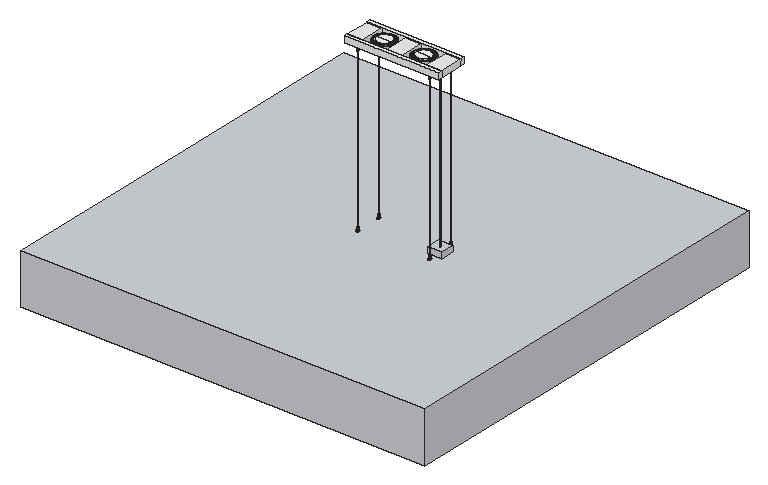
Revit family "en-halla-moza-suspendedrfa", category Осветительные приборы, Revit 2017
Family settings
  Основа = Грань
  Размер круглого соединителя = Использовать диаметр
  Тип детали = Нормальный
  Номер OmniClass = 23.80.70.11.11
  Заголовок OmniClass = General Luminaries, Non Directional
  При загрузке вырезать с полостями = Нет
  Источник света = Нет
  Общий = Нет
  Точка расчета площади = Нет
Parameters
  Полная установленная мощность = Power input  # 84 VA
  Youtube clip = ""
  Weight Net (Kg) = "0"
  Изготовитель = "HALLA"  # constant formula
  Default Elevation = 0 mm
  Voltage = ""
  Uniclass 2.0 Description = "Luminaires And Lamps"
  Uniclass 2.0 Code = "PR-49"
  Uniclass 1.4 Description = "Luminaires and lamps"
  Uniclass 1.4 Code = "JY73"
  URL = "www.halla.cz"
  UNSPSC Code = "3911"
  3 sources = Number of sources = 3  # no
  Technical description = ""
  Switched on [instance] = yes
  Switched off [instance] = not(Switched on)  # no
  Source used = ""
  Source type = ""
  Shape of luminaire = ""
  Region South America = "All"
  Region Oceania = "All"
  Region North America = "All"
  Region Middle East = "All"
  Region Europe = "All"
  Region Asia = "All"
  Region Antarctica = "All"
  Region Africa = "All"
  QR code = "http://file-system.ru/catalog/zdaniya_i_sooruzheniya/interer/osveshchenie/halla_moza_svetilnik/"
  Accessory - suspension [instance] = MOZA accessory - wire suspension 2000mm, set of 4 pcs : 13-0001, S - silver
  Protection class = ""
  Product group = "MOZA"
  Product family = "Indoor Luminaires"
  Product data url = ""
  Product code = ""
  Product certification = ""
  Product URL = ""
  Product SKU = "moza"
  Price (EUR) = 0
  Power input = 84 W
  Description = ""
  Optics type = ""
  Suspension distance Y from axis = Lighting width - Lighting width * 0.08475 * 2  # 157.795 mm
  Suspension distance X from axis = if(Number of sources = 3, 674 mm, Lighting length - 405 mm - 68 mm + (405 mm - 68 mm))  # 434 mm
  Distance from reflectors [instance] = Real suspension length + Lighting height  # 1038 mm
  Number of sources = 2
  Nominal width = "0.00"
  Nominal height = "38.00"
  NBS Reference Description = "Luminaires And Lamps"
  NBS Reference Code = "49"
  Material secondary = ""
  Material of luminaire = "Plech"
  Material main = "Sheet metal"
  Manufacturer name = "HALLA"
  Manufacturer country = "Czech Republic"
  Lighting width = 190 mm
  Lighting source distance [instance] = Real suspension length + Lighting height - 1.3 mm  # 1036.7 mm
  Lighting length = 570 mm
  Lighting height = 38 mm
  Lighting dimensions = ""
  LED source = yes
  Installation instructions = ""
  Installation instruction = ""
  Initial intensity = ""
  Initial colour = ""
  IP Code = ""
  IFC Classification = "Light Fixture"
  Frequency = ""
  Energy class = ""
  Electric potential = 230 V  # constant formula
  Код по классификатору = "D5020200"
  Edition number = "1"
  EAN code = ""
  EAN = ""
  Real suspension length [instance] = if(Suspension length > 2000 mm, 2000 mm, Suspension length)  # 1000 mm
  Suspension length [instance] = 1000 mm
  Distribution = ""
  Designer = ""
  Design country = "Czech Republic"
  Depth = "190.00"
  Date of publishing = "2014-12-13"
  Data sheet = ""
  Control gear option = ""
  Colour of luminaire = Sheet metal - white
  COBIe Type Category = ""
Reference planes
  plane 1 "Střed (vpředu/vzadu)": y = 0
  plane 2: z = 0
  plane 3 "Střed (vlevo/vpravo)": x = 0
  plane 4 "BP_Světlo spodní": z = 1000
  plane 5 "BP_Světlo horní": z = 1038
  plane 6 "Levá": x = -165
  plane 7 "Pravá": x = 405
  plane 8 "BP_Zdroj světla": z = 1019
  plane 9 "Zadní": y = 95
  plane 10 "Přední": y = -95
  plane 11 "Osa odsazení levá": x = -336.352
Forms (mm)
  Extrusion 1, solid
    sketch origin (0, 0, 0) x (1, 0, 0) y (0, 1, 0)
      loop
        line (-1219.2, 1219.2) -> (-1219.2, -1219.2) -> (1219.2, -1219.2) -> (1219.2, 1219.2) -> (-1219.2, 1219.2)
    from 0 to -304.8
  Extrusion 2, solid, material "Sheet metal - white" <- "Colour of luminaire"
    sketch origin (405, 0, 0) x (0, 1, 0) y (0, 0, -1)
      loop
        line (95, -1000) -> (73, -1000) -> (73, -1038) -> (95, -1038) -> (95, -1000)
      loop
        line (-95, -1000) -> (-95, -1038) -> (-73, -1038) -> (-73, -1000) -> (-95, -1000)
    from 0 to 570 <- "Lighting length"
  Extrusion 3, solid, material "Sheet metal - white" <- "Colour of luminaire"
    sketch origin (0, 0, 1000) x (-1, 0, 0) y (0, -1, 0)
      loop
        line (-314.295, -72.946) -> (-314.295, 72.946) -> (-404, 72.946) -> (-404, -72.946) -> (-314.295, -72.946)
    from 2 to 36
  Extrusion 4, solid, material "Sheet metal - white" <- "Colour of luminaire"
    sketch origin (-241.346, 0, 1000) x (-1, 0, 0) y (0, -1, 0)
      loop
        line (-313, -72.946) -> (-313, 72.946) -> (-404, 72.946) -> (-404, -72.946) -> (-313, -72.946)
    from 2 to 36
  Extrusion 5, solid, material "Sheet metal - white" <- "Colour of luminaire"
    sketch origin (-476.654, 0, 1000) x (-1, 0, 0) y (0, -1, 0)
      loop
        line (-313, -72.946) -> (-313, 72.946) -> (-404, 72.946) -> (-404, -72.946) -> (-313, -72.946)
    from 2 to 36
  Extrusion 6, solid, material "Sheet metal - white" <- "Colour of luminaire", visible <- "3 sources"
    sketch origin (-717.08, 0, 1000) x (-1, 0, 0) y (0, -1, 0)
      loop
        line (-553, -72.946) -> (-404, -72.946) -> (-404, 72.946) -> (-553, 72.946) -> (-553, -72.946)
    from 2 to 36
Dimensions and locks
  "Lighting length": plane 6 "Levá" to plane 7 "Pravá"
  "Lighting width": plane 9 "Zadní" to plane 10 "Přední"
  equal spacing: plane 9 "Zadní", plane 1 "Střed (vpředu/vzadu)", plane 10 "Přední"
  equal spacing: plane 5 "BP_Světlo horní", plane 8 "BP_Zdroj světla", plane 4 "BP_Světlo spodní"
  "Real suspension length": plane 4 "BP_Světlo spodní" to Extrusion 1
  "Lighting height": plane 5 "BP_Světlo horní" to plane 4 "BP_Světlo spodní"
  plane 3 "Střed (vlevo/vpravo)" to plane 7 "Pravá" = 405 mm
  plane 3 "Střed (vlevo/vpravo)" to nested 7 = 337 mm
  nested 7 to plane 7 "Pravá" = 68 mm
  aligned and locked: plane 2 to Extrusion 1
  aligned and locked: level to Extrusion 1
Automatic sketch dimensions
  Extrusion 1 sketch curve to Extrusion 1 sketch curve = 2438.4 mm  (x2)
  Extrusion 2 sketch curve to plane 5 "BP_Světlo horní" = 0 mm  (x2)
  Extrusion 2 sketch curve to plane 10 "Přední" = 0 mm
  Extrusion 2 sketch curve to plane 4 "BP_Světlo spodní" = 0 mm  (x2)
  Extrusion 2 sketch curve to plane 9 "Zadní" = 0 mm
  Extrusion 2 sketch curve to plane 10 "Přední" = 22 mm
  plane 9 "Zadní" to Extrusion 2 sketch curve = 22 mm
  plane 7 "Pravá" to Extrusion 3 sketch curve = 1 mm
  Extrusion 3 sketch curve to plane 9 "Zadní" = 22.054 mm
  plane 10 "Přední" to Extrusion 3 sketch curve = 22.054 mm
  Extrusion 4 sketch curve to plane 9 "Zadní" = 22.054 mm
  plane 3 "Střed (vlevo/vpravo)" to Extrusion 4 sketch curve = 162.654 mm
  plane 10 "Přední" to Extrusion 4 sketch curve = 22.054 mm
  plane 3 "Střed (vlevo/vpravo)" to Extrusion 4 sketch curve = 71.654 mm
  Extrusion 5 sketch curve to plane 9 "Zadní" = 22.054 mm
  Extrusion 5 sketch curve to plane 3 "Střed (vlevo/vpravo)" = 72.654 mm
  plane 10 "Přední" to Extrusion 5 sketch curve = 22.054 mm
  Extrusion 5 sketch curve to Extrusion 5 sketch curve = 91 mm
  Extrusion 6 sketch curve to plane 11 "Osa odsazení levá" = 23.272 mm
  plane 6 "Levá" to Extrusion 6 sketch curve = 0.919 mm
  Extrusion 6 sketch curve to plane 9 "Zadní" = 22.054 mm
  plane 10 "Přední" to Extrusion 6 sketch curve = 22.054 mm
  Extrusion 3 sketch curve to Extrusion 3 sketch curve = 89.705 mm
Nested families
  nested 1: "MOZA - spot light" at (-237.099, 0, 1038), built-in parameter 1001364 <- "Distance from reflectors", Světlo zapnuté <- "Switched on", visible <- "3 sources", type "MOZA - spot light"
    with Světlo zapnuté yes, Světlo vypnuté no, Barva svítidla Sheet metal - silver
  nested 2: "MOZA - spot light" at (237.099, 0, 1038) x (-1, 0, 0) z (0, 0, 1), built-in parameter 1001364 <- "Distance from reflectors", Světlo zapnuté <- "Switched on", type "MOZA - spot light"
    with Světlo zapnuté yes, Světlo vypnuté no, Barva svítidla Sheet metal - silver
  nested 3: "MOZA - spot light" at (0, 0, 1038) x (-1, 0, 0) z (0, 0, 1), built-in parameter 1001364 <- "Distance from reflectors", Světlo zapnuté <- "Switched on", type "MOZA - spot light"
    with Světlo zapnuté yes, Světlo vypnuté no, Barva svítidla Sheet metal - silver
  nested 4: "MOZA - source" at (237.099, 0, 1036.7), built-in parameter 1001364 <- "Lighting source distance", type "MOZA - source"
  nested 5: "MOZA - source" at (-1.988, 0, 1036.7), built-in parameter 1001364 <- "Lighting source distance", type "MOZA - source"
  nested 6: "MOZA - source" at (-237.099, 0, 1036.7), built-in parameter 1001364 <- "Lighting source distance", visible <- "3 sources", type "MOZA - source"
  nested 7: "MOZA accessory - wire suspension 2000mm, set of 4 pcs" at (-263, 78.897, 0), Délka zavěšení <- "Real suspension length", Odsazení zavěšení od osy X <- "Suspension distance Y from axis", Odsazení zavěšení od osy Y <- "Suspension distance X from axis", type <- "Accessory - suspension", type "13-0001, S - silver"
    with Odsazení zavěšení od osy Y 434 mm, Odsazení zavěšení od osy X 157.795 mm, Délka zavěšení 1000 mm
Connectors
  electrical at (337, 0, 0), driven by "Полная установленная мощность", driven by "Electric potential", driven by "Полная установленная мощность"
    settings: index 1, voltage 230 V, apparent load 84 VA, apparent load phase1 84 VA, apparent load phase2 0 VA, apparent load phase3 0 VA, power factor 1, load classification "Osvětlení", number of poles 1, system type 30, power factor state 0, is connector primary yes, connector utility no, sub classification motor no, connector description ""
Definition of nested family "MOZA - spot light"
  Parameters
    Světlo zapnuté [instance] = yes
    Světlo vypnuté [instance] = not(Světlo zapnuté)  # no
    Materiál svítidla = "Plech"  # constant formula
    Barva svítidla [instance] = none
  Reference planes
    plane 1 "Střed (vpředu/vzadu)": y = 0
    plane 2: z = 0
    plane 3 "Střed (vlevo/vpravo)": x = 0
    plane 4: x = -74.721
    plane 5: x = 74.721
    plane 6: y = 75
    plane 7: y = -75
  Forms (mm)
    Revolve 1, solid
      sketch origin (0, 0, 0) x (0, -1, 0) y (0, 0, 1)
        loop
          line (-65.01, -8.022) -> (-65.01, -25.985) -> (-63.988, -27.007) -> (-61.048, -27.007) -> (-60.026, -25.985) -> (-60.026, -8.022) -> (-61.048, -7) -> (-63.988, -7) -> (-65.01, -8.022)
        axis (0, -27.007) -> (0, -7)
      angle from 0 to 360
    Revolve 2, solid
      sketch origin (0, 0, 0) x (0, -1, 0) y (0, 0, 1)
        loop
          line (-64.971, -17) -> (-64.971, -13.999) -> (-73.716, -13.999) -> (-73.716, -12.474) -> (-74.721, -12.474) -> (-74.721, -17) -> (-64.971, -17)
        loop
          line (64.963, -17) -> (74.721, -17) -> (74.721, -12.474) -> (73.716, -12.474) -> (73.716, -13.999) -> (64.963, -13.999) -> (64.963, -17)
        axis (74.721, -17) -> (-74.721, -17)
      angle from 0 to 360
    Revolve 3, solid
      sketch origin (0, 0, 0) x (1, 0, 0) y (0, 0, 1)
        loop
          line (53, -17) -> (59.961, -17) -> (59.961, -14.025) -> (53, -14.025) -> (53, -17)
        loop
          line (-53, -17) -> (-53, -14.025) -> (-59.961, -14.025) -> (-59.961, -17) -> (-53, -17)
        axis (59.961, -17) -> (-59.961, -17)
      angle from 0 to 360
    Revolve 4, solid
      sketch origin (0, 0, 0) x (1, 0, 0) y (0, 0, 1)
        loop
          line (49.925, -1.4) -> (47.74, -1.4) -> (46.426, -2.714) -> (0, -2.714) -> (0, -37.865)
          arc (0, -37.865) -> (22.7, -31.469) -> (39.962, -15.4) r 50.12
          line (39.962, -15.4) -> (49.962, -15.4) -> (49.962, -25.985) -> (50.984, -27.007) -> (51.978, -27.007) -> (53, -25.985) -> (53, -15.4) -> (54.5, -15.4)
          arc (54.5, -15.4) -> (55.232, -14.023) -> (55.484, -12.484) r 4.812
          line (55.484, -12.484) -> (55.484, -7.395)
          arc (55.484, -7.395) -> (55.193, -6.691) -> (54.49, -6.4) r 0.995
          line (54.49, -6.4) -> (50.92, -6.4) -> (50.92, -2.395)
          arc (50.92, -2.395) -> (50.629, -1.691) -> (49.925, -1.4) r 0.995
        axis (0, -37.865) -> (0, -1.4)
      angle from 0 to 360
    Revolve 5, solid, visible <- "Světlo vypnuté"
      sketch origin (0, 0, 0) x (1, 0, 0) y (0, 0, 1)
        loop
          line (47.74, -1.4) -> (0, -1.4) -> (0, -2.714) -> (46.426, -2.714) -> (47.74, -1.4)
        axis (0, -2.714) -> (0, -1.4)
      angle from 0 to 360
    Revolve 6, solid, visible <- "Světlo zapnuté"
      sketch origin (0, 0, 0) x (1, 0, 0) y (0, 0, 1)
        loop
          line (47.74, -1.4) -> (0, -1.4) -> (0, -2.714) -> (46.426, -2.714) -> (47.74, -1.4)
        axis (0, -2.714) -> (0, -1.4)
      angle from 0 to 360
  Dimensions and locks
    aligned and locked: level to plane 2
Definition of nested family "MOZA accessory - wire suspension 2000mm, set of 4 pcs"
  Parameters
    Manufacturer = "HALLA"  # constant formula
    Default Elevation = 0 mm
    URL = "http.//www.halla.cz"
    Description = "Příslušenství ke svítidlům HALLA"
    Odsazení zavěšení od osy Y [instance] = 600 mm
    Odsazení zavěšení od osy X [instance] = 600 mm
    Model = "Lankový závěs 2000mm, souprava 4ks"
    Assembly Code = "D5020200"
    Keynote = ""
    Délka zavěšení [instance] = 600 mm
    Barva svítidla = none
  Reference planes
    plane 1 "Střed (vpředu/vzadu)": y = 0
    plane 2: z = 0
    plane 3 "Střed (vlevo/vpravo)": x = 0
    plane 4: z = 600
    plane 5: x = 300
    plane 6: y = -300
    plane 7: x = 600
    plane 8: y = -600
  Forms (mm)
    Extrusion 1, solid
      sketch origin (100, 0, 0) x (1, 0, 0) y (0, 1, 0)
        loop
          circle (-100, 0) r 0.991
      from 0 to 600 <- "Délka zavěšení"
    Revolve 2, solid, material <- "Barva svítidla"
      sketch origin (-300, 0, 0) x (1, 0, 0) y (0, 0, 1)
        loop
          line (300, 568.8) -> (300, 600) -> (295.494, 600) -> (295.494, 575.5) -> (298, 575.5) -> (298, 568.8) -> (300, 568.8)
        axis (300, 600) -> (300, 568.8)
      angle from 0 to 360
    Revolve 3, solid, material <- "Barva svítidla"
      sketch origin (100, 0, 0) x (1, 0, 0) y (0, 0, 1)
        loop
          line (-100, 0) -> (-100, 19.35) -> (-105.985, 19.35) -> (-105.985, 1.35) -> (-107.922, 1.35) -> (-107.922, 0) -> (-100, 0)
        axis (-100, 19.35) -> (-100, 0)
      angle from 0 to 360
    Extrusion 4, solid
      sketch origin (700, 0, 0) x (1, 0, 0) y (0, 1, 0)
        loop
          circle (-100, 0) r 0.991
      from 0 to 600 <- "Délka zavěšení"
    Revolve 5, solid, material <- "Barva svítidla"
      sketch origin (300, 0, 0) x (1, 0, 0) y (0, 0, 1)
        loop
          line (300, 568.8) -> (300, 600) -> (295.494, 600) -> (295.494, 575.5) -> (298, 575.5) -> (298, 568.8) -> (300, 568.8)
        axis (300, 600) -> (300, 568.8)
      angle from 0 to 360
    Revolve 6, solid, material <- "Barva svítidla"
      sketch origin (700, 0, 0) x (1, 0, 0) y (0, 0, 1)
        loop
          line (-100, 0) -> (-100, 19.35) -> (-105.985, 19.35) -> (-105.985, 1.35) -> (-107.922, 1.35) -> (-107.922, 0) -> (-100, 0)
        axis (-100, 19.35) -> (-100, 0)
      angle from 0 to 360
    Revolve 7, solid, material <- "Barva svítidla"
      sketch origin (0, 0, 0) x (0, 1, 0) y (0, 0, 1)
        loop
          line (-600, 19.35) -> (-600, 0) -> (-592.108, 0) -> (-592.108, 1.35) -> (-594.015, 1.35) -> (-594.015, 19.35) -> (-600, 19.35)
        axis (-600, 0) -> (-600, 19.35)
      angle from 0 to 360
    Revolve 8, solid, material <- "Barva svítidla"
      sketch origin (0, 0, 0) x (0, 1, 0) y (0, 0, 1)
        loop
          line (-600, 600) -> (-600, 568.8) -> (-598, 568.8) -> (-598, 575.5) -> (-595.494, 575.5) -> (-595.494, 600) -> (-600, 600)
        axis (-600, 568.8) -> (-600, 600)
      angle from 0 to 360
    Extrusion 9, solid
      sketch origin (0, 0, 0) x (1, 0, 0) y (0, 1, 0)
        loop
          circle (0, -600) r 1.018
      from 0 to 600 <- "Délka zavěšení"
    Revolve 10, solid, not visible
      sketch origin (0, 0, 0) x (0, 1, 0) y (0, 0, 1)
        loop
          line (-600, 19.35) -> (-600, 0) -> (-592.108, 0) -> (-592.108, 1.35) -> (-594.015, 1.35) -> (-594.015, 19.35) -> (-600, 19.35)
        axis (-600, 0) -> (-600, 19.35)
      angle from 0 to 360
    Revolve 11, solid, not visible
      sketch origin (0, 0, 0) x (0, 1, 0) y (0, 0, 1)
        loop
          line (-600, 600) -> (-600, 568.8) -> (-598, 568.8) -> (-598, 575.5) -> (-595.494, 575.5) -> (-595.494, 600) -> (-600, 600)
        axis (-600, 568.8) -> (-600, 600)
      angle from 0 to 360
    Extrusion 12, solid, not visible
      sketch origin (0, 0, 0) x (1, 0, 0) y (0, 1, 0)
        loop
          circle (0, -600) r 1.018
      from 0 to 600 <- "Délka zavěšení"
    Revolve 13, solid, material <- "Barva svítidla"
      sketch origin (600, 272.021, 1200) x (0, 1, 0) y (0, 0, 1)
        loop
          line (-872.021, -1180.65) -> (-872.021, -1200) -> (-864.129, -1200) -> (-864.129, -1198.65) -> (-866.036, -1198.65) -> (-866.036, -1180.65) -> (-872.021, -1180.65)
        axis (-872.021, -1200) -> (-872.021, -1180.65)
      angle from 0 to 360
    Revolve 14, solid, material <- "Barva svítidla"
      sketch origin (600, 272.021, 1200) x (0, 1, 0) y (0, 0, 1)
        loop
          line (-872.021, -600) -> (-872.021, -631.2) -> (-870.021, -631.2) -> (-870.021, -624.5) -> (-867.515, -624.5) -> (-867.515, -600) -> (-872.021, -600)
        axis (-872.021, -631.2) -> (-872.021, -600)
      angle from 0 to 360
    Extrusion 15, solid
      sketch origin (300, 0, 0) x (1, 0, 0) y (0, 1, 0)
        loop
          circle (300, -600) r 1.018
      from 0 to 600 <- "Délka zavěšení"
    Extrusion 16, solid, material <- "Barva svítidla"
      sketch origin (300, 0, 0) x (1, 0, 0) y (0, 1, 0)
        loop
          line (300, -260) -> (258.5, -260) -> (258.5, -340) -> (341.5, -340) -> (341.5, -260) -> (300, -260)
      from 0 to 35
    Extrusion 17, solid
      sketch origin (300, 0, 0) x (1, 0, 0) y (0, 1, 0)
        loop
          circle (300, -300) r 1.988
      from 0 to 600 <- "Délka zavěšení"
  Dimensions and locks
    "Délka zavěšení": plane 4 to level
    plane 5 to plane 3 "Střed (vlevo/vpravo)" = 300 mm
    equal spacing: plane 8, plane 6, plane 1 "Střed (vpředu/vzadu)"
    "Odsazení zavěšení od osy X": plane 8 to plane 1 "Střed (vpředu/vzadu)"
    "Odsazení zavěšení od osy Y": plane 3 "Střed (vlevo/vpravo)" to plane 7
    Extrusion 16 to plane 7 = 41.5 mm
    Extrusion 16 to plane 6 = 40 mm
    plane 5 to plane 7 = 300 mm
    aligned and locked: level to plane 2
  Automatic sketch dimensions
    Revolve 11 sketch curve to Revolve 11 sketch curve = 4.506 mm
    Revolve 11 sketch curve to Revolve 11 sketch curve = 6.7 mm
    Revolve 10 sketch curve to Revolve 10 sketch curve = 1.906 mm
    Revolve 10 sketch curve to Revolve 10 sketch curve = 18 mm
    Revolve 10 sketch curve to Revolve 10 sketch curve = 5.985 mm
    Revolve 10 sketch curve to Revolve 10 sketch curve = 1.35 mm
    Revolve 10 sketch curve to Revolve 10 sketch curve = 0 mm
    Revolve 10 sketch curve to Revolve 10 sketch curve = 304.8 mm
    Revolve 10 sketch curve to Revolve 10 sketch curve = 2419.05 mm
    Revolve 11 sketch curve to Revolve 11 sketch curve = 2.506 mm
    Revolve 11 sketch curve to Revolve 11 sketch curve = 24.5 mm
    Revolve 11 sketch curve to Revolve 11 sketch curve = 0 mm
    Revolve 11 sketch curve to Revolve 11 sketch curve = 873.6 mm
    Revolve 11 sketch curve to Revolve 11 sketch curve = 1838.4 mm
    plane 1 "Střed (vpředu/vzadu)" to Extrusion 1 sketch curve = 0 mm
    Extrusion 1 sketch curve to plane 3 "Střed (vlevo/vpravo)" = 0 mm
    Revolve 2 sketch curve to plane 4 = 0 mm
    Revolve 2 sketch curve to plane 3 "Střed (vlevo/vpravo)" = 0 mm  (x2)
    Revolve 2 sketch curve to plane 3 "Střed (vlevo/vpravo)" = 2 mm
    Revolve 2 sketch curve to Revolve 2 sketch curve = 4.506 mm
    Revolve 2 sketch curve to plane 4 = 24.5 mm
    Revolve 2 sketch curve to Revolve 2 sketch curve = 6.7 mm
    Revolve 2 sketch curve to level = 151.582 mm
    Revolve 2 sketch curve to Revolve 2 sketch curve = 388.304 mm
    Revolve 3 sketch curve to level = 0 mm
    Revolve 3 sketch curve to plane 3 "Střed (vlevo/vpravo)" = 0 mm  (x2)
    Revolve 3 sketch curve to Revolve 3 sketch curve = 5.985 mm
    Revolve 3 sketch curve to Revolve 3 sketch curve = 1.937 mm
    level to Revolve 3 sketch curve = 1.35 mm
    Revolve 3 sketch curve to Revolve 3 sketch curve = 18 mm
    Revolve 3 sketch curve to Revolve 3 sketch curve = 198.421 mm
    plane 4 to Revolve 3 sketch curve = 388.304 mm
    plane 1 "Střed (vpředu/vzadu)" to Extrusion 4 sketch curve = 0 mm
    Extrusion 4 sketch curve to plane 7 = 0 mm
    Revolve 5 sketch curve to plane 4 = 0 mm
    Revolve 5 sketch curve to plane 7 = 0 mm  (x2)
    Revolve 5 sketch curve to plane 7 = 2 mm
    Revolve 5 sketch curve to Revolve 5 sketch curve = 4.506 mm
    Revolve 5 sketch curve to plane 4 = 24.5 mm
    Revolve 5 sketch curve to Revolve 5 sketch curve = 6.7 mm
    Revolve 5 sketch curve to level = 151.582 mm
    Revolve 5 sketch curve to Revolve 5 sketch curve = 388.304 mm
    Revolve 6 sketch curve to level = 0 mm
    Revolve 6 sketch curve to plane 7 = 0 mm  (x2)
    Revolve 6 sketch curve to Revolve 6 sketch curve = 5.985 mm
    Revolve 6 sketch curve to Revolve 6 sketch curve = 1.937 mm
    level to Revolve 6 sketch curve = 1.35 mm
    Revolve 6 sketch curve to Revolve 6 sketch curve = 18 mm
    Revolve 6 sketch curve to level = 198.421 mm
    plane 4 to Revolve 6 sketch curve = 388.304 mm
    Revolve 7 sketch curve to plane 8 = 0 mm  (x2)
    Revolve 7 sketch curve to level = 0 mm
    Revolve 7 sketch curve to Revolve 7 sketch curve = 5.985 mm
    Revolve 7 sketch curve to Revolve 7 sketch curve = 1.906 mm
    level to Revolve 7 sketch curve = 1.35 mm
    Revolve 7 sketch curve to Revolve 7 sketch curve = 18 mm
    Revolve 7 sketch curve to Revolve 7 sketch curve = 304.8 mm
    plane 4 to Revolve 7 sketch curve = 1838.4 mm
    Revolve 8 sketch curve to plane 4 = 0 mm
    Revolve 8 sketch curve to plane 8 = 0 mm  (x2)
    plane 8 to Revolve 8 sketch curve = 2 mm
    Revolve 8 sketch curve to Revolve 8 sketch curve = 4.506 mm
    Revolve 8 sketch curve to plane 4 = 24.5 mm
    Revolve 8 sketch curve to Revolve 8 sketch curve = 6.7 mm
    Revolve 8 sketch curve to level = 304.8 mm
    Revolve 8 sketch curve to Revolve 8 sketch curve = 1838.4 mm
    Extrusion 9 sketch curve to plane 3 "Střed (vlevo/vpravo)" = 0 mm
    Extrusion 9 sketch curve to plane 8 = 0 mm
    Extrusion 15 sketch curve to plane 7 = 0 mm
    Extrusion 15 sketch curve to plane 8 = 0 mm
    Revolve 14 sketch curve to plane 4 = 0 mm
    Revolve 14 sketch curve to plane 8 = 0 mm  (x2)
    plane 8 to Revolve 14 sketch curve = 2 mm
    Revolve 14 sketch curve to Revolve 14 sketch curve = 4.506 mm
    Revolve 14 sketch curve to plane 4 = 24.5 mm
    Revolve 14 sketch curve to Revolve 14 sketch curve = 6.7 mm
    Revolve 14 sketch curve to level = 304.8 mm
    Revolve 14 sketch curve to Revolve 14 sketch curve = 1838.4 mm
    Revolve 13 sketch curve to plane 8 = 0 mm  (x2)
    Revolve 13 sketch curve to level = 0 mm
    Revolve 13 sketch curve to Revolve 13 sketch curve = 5.985 mm
    Revolve 13 sketch curve to Revolve 13 sketch curve = 1.906 mm
    level to Revolve 13 sketch curve = 1.35 mm
    Revolve 13 sketch curve to Revolve 13 sketch curve = 18 mm
    Revolve 13 sketch curve to Revolve 13 sketch curve = 304.8 mm
    plane 4 to Revolve 13 sketch curve = 1838.4 mm
    plane 5 to Extrusion 16 sketch curve = 300 mm
    plane 5 to Extrusion 16 sketch curve = 258.5 mm
    plane 5 to Extrusion 16 sketch curve = 341.5 mm
    Extrusion 16 sketch curve to plane 6 = 40 mm
    plane 6 to Extrusion 16 sketch curve = 40 mm
    plane 5 to Extrusion 17 sketch curve = 300 mm
    Extrusion 17 sketch curve to plane 6 = 0 mm
    radius of Extrusion 12 sketch curve = 1.018 mm
    radius of Extrusion 1 sketch curve = 0.991 mm
    radius of Extrusion 4 sketch curve = 0.991 mm
    radius of Extrusion 9 sketch curve = 1.018 mm
    radius of Extrusion 15 sketch curve = 1.018 mm
    radius of Extrusion 17 sketch curve = 1.988 mm
Definition of nested family "MOZA - source"
  Parameters
    built-in parameter 1150104 = 13.8 (stored number, unit not read)
    Tilt Angle = -90.00°  # constant formula
    built-in parameter 1150112 = 1 (stored number, unit not read)
    built-in parameter 1114218 = 1 (stored number, unit not read)
    built-in parameter 1150109 = 1 (stored number, unit not read)
    built-in parameter 1150110 = 1 (stored number, unit not read)
    built-in parameter 1150133 = 10 (stored number, unit not read)
    built-in parameter 1150134 = 3
    Lumens = 1231.41 lm
    Photometric Web File = "MOZA 24-505F-2035E.ies"
    Wattage = 8.29 W
    built-in parameter 1150107 = 3200 (stored number, unit not read)
    built-in parameter 1150102 = (empty or 0)
    built-in parameter 1150138 = (empty or 0)
    Dimming Lamp Color Temperature Shift = (empty or 0)
    built-in parameter 1150114 = 1 (stored number, unit not read)
    built-in parameter 1150115 = 1 (stored number, unit not read)
    built-in parameter 1150106 = 0.97993 (stored number, unit not read)
    built-in parameter 1150137 = (empty or 0)
    built-in parameter 1150132 = 2
    built-in parameter 1150105 = 97.993 (stored number, unit not read)
    built-in parameter 1150139 = (empty or 0)
    built-in parameter 1150113 = 1 (stored number, unit not read)
    Emit from Circle Diameter = 95.4 mm  # constant formula
    Emit Shape Visible in Rendering = 1 < 2  # yes
    built-in parameter 1114217 = 1 (stored number, unit not read)
    Color Filter = 16777215
  Reference planes
    plane 1 "Střed (vpředu/vzadu)": y = 0
    plane 2: z = 0
    plane 3 "Střed (vlevo/vpravo)": x = 0
  Dimensions and locks
    aligned and locked: level to plane 2
